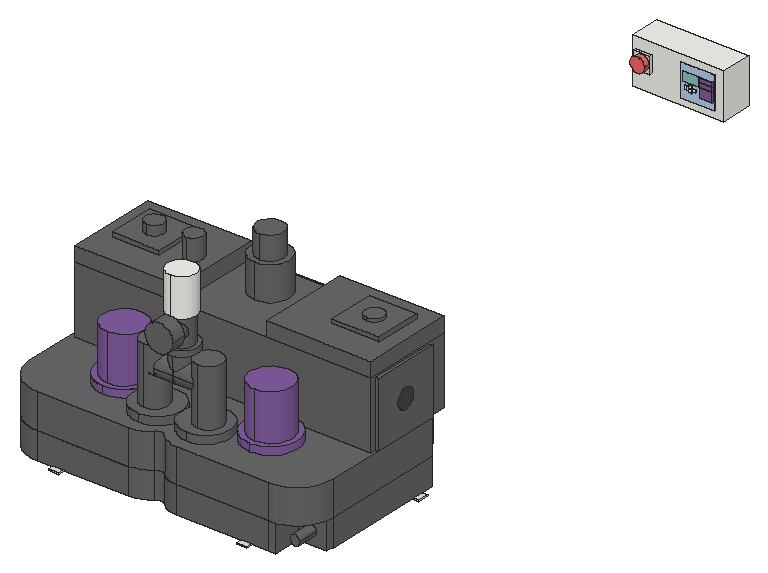
Revit family "11101", category Generic Models, Revit 2021
Family settings
  Can host rebar = No
  Round Connector Dimension = Use Diameter
  Part Type = Normal
  Work Plane-Based = No
  Always vertical = Yes
  Cut with Voids When Loaded = No
  Shared = Yes
  Room Calculation Point = No
Parameters (values of type "11101")
  SUPPLIER = "KESSEL"
  SA700ID49 = "Protection Class I"
  SA700ID48 = "no"
  SA700ID47 = "no"
  SA700ID46 = "yes"
  SA700ID37 = 8000 mm
  SA700ID34 = 40
  SA700ID33 = 1.4 W
  SA700ID32 = 109.59 kg
  SA700ID31 = 1
  SA700ID30 = 2
  SA700ID29 = "RWDR"
  SA700ID21 = 800
  SA700ID10 = "yes"
  SA700ID08 = 400 V
  PROCUREWEBLINK = "https://p.caden.as/kessel/11101"
  PROCURELINK = "p.caden.as/kessel/11101"
  PROCUREDATALASTUPDATE = "2024-05-22T12:17:47.319461876+01:00"
  PREVIEW = "../../_pool_/a5/dd/11101.png"
  PRC_SPECIFICATIONLINK = "https://ausschreiben.de/catalog/kessel/catalogItem/2161d18e-fcb3-41e4-a94c-ce3cd7409e3e"
  NN = "Lifting station Aqualift F XL"
  NBSYN = "$SA810ID03."
  NB = "11101"
  Model = "11101"
  Manufacturer = "KESSEL"
  MIdent = "{$CADENAS_DATA/23d-libs/kessel/kessel_vdi_import/4/entwaesserung/hebeanlage20aqualift20f20xl.prj},201 {STYP=ASS},{VTYP=3D},{NB=11101},{LINA=11101},{NN=Lifting station Aqualift F XL},{DATE=21.11.2022 10:48:11},{GEOMDATE=21.11.2022 10:48:11},{VERSION=},{LINEID=370},{WBVAR=LODLEVEL},{WBNUMERIC=LODLEVEL}  {NB=11101},{LINA=11101},{KT=DUMMY},{PREVIEW=../../_pool_/a5/dd/11101.png},{SA700ID04=Hebeanlage Aqualift F XL 300 l, Duo, SPF 1500-S1, Schieber},{SA810ID06=04026092057681},{SA700ID34=40.00},{SA010ID03=201805},{SA810ID03=11101},{SA810ID10=Aqualift F XL 1500W-S1 Duo 300L m.S.KESSEL Aqualift F XL Hebeanlage für fäkalienhaltiges und fäkalienfreies Abwasser. Zur Aufstellung in frostgeschützten Räumen.Duoanlage mit zwei Pumpen des Typs SPF 1500-S1 Sammelbehälter aus Polyethylen, mit verschraubter Reinigungsöffnung,Anschlussstutzen für Zulauf von oben DN100/150.Inklusive Tauchrohr zur pneumatischen Niveauerfassung,Entlüftungsanschluss DN 70 und Anschluss für eine Handmembranpumpe DN 32.Behälter inklusive Haltewinkel zur Auftriebssicherung.Behältervolumen 300 Liter, max. Nutzvolumen bei Zulauf von oben ca. 175 Liter.Zwei seitliche und drei rückseitige Anbohrflächen zur Montage weiterer Zuläufe bis DN 200 unter Verwendung von Durchgangsdichtungen.Inklusive KESSEL Schaltgerät Aqualift Comfort 400 V.Anwenderfreundliche Menüführung im mehrzeiligem Display. MitSelbstdiagnosesystem (SDS) und Erinnerungsfunktion für nächste Wartung.Anzeige der aktuellen Messwerte. Einfache Einstellung derfunktionsrelevanten Parameter, inklusive Betriebsstundenzähler und potentialfreiem Kontakt. Optionale Weiterleitung von Alarm- und Sammelstörmeldung über GSM Schnittstelle.Schaltgerät mit Volltextanzeige in sechs Sprachen.Abwasserpumpe(n) mit Freistromrad zur Förderung von fäkalienfreiem und fäkalienhaltigem Abwasser gemäß DIN EN 12050-1. Freier Kugeldurchgang mindestens 40 mm. Pumpe(n) überflutungssicher.Inklusive Rückflussverhinderer, mit Druckabgang aus Kunststoff DN 100. Inklusive Absperrschieber.Pumpe(n) Typ SPF 1500-S1Fördermenge: max. 40 m³/hFörderhöhe: max. 8 mNennleistung (P2): 1,1 KW je PumpeAufnahmeleistung (P1): 1,4 KW je PumpeBetriebsspannung: 400 V DSNennfrequenz: 50 HzNennstrom: 2,7 AAbsicherung: 3 x 16 A trägeSchutzart (Pumpe): IP68 3mWS/48hSchutzart (Schaltgerät): IP 65Bertiebsart: S1Kabellänge: 5 mAußenmaße Anlage mit 300 Liter Behälter (BxTxH): 1260 x 760 x 770 mmGewicht ca. 109,59 kg},{SA700ID37=8.00},{SA700ID33=1.40},{SA700ID08=400},{SA700ID30=2},{SA700ID32=109.59},{SA700ID49=Schutzklasse I},{SA700ID50=intern},{SA200ID03=6},{SA250ID03=vertikal},{SA260ID03=Trockenläuferpumpe},{SA350ID03=normalansaugend},{SA400ID03=E-Motor für Drehstrom},{SA460ID03=direkt},{SA500ID03=Kunststoff, Edelstahl},{SA700ID06=100},{SA700ID07=100},{SA700ID09=3/N/PE 400V},{SA700ID10=Ja},{SA700ID11=50},{SA700ID12=IP 68},{SA700ID13=F},{SA700ID15=40},{SA700ID21=800.00},{SA700ID22=1.10},{SA700ID23=1415},{SA700ID24=1415},{SA700ID26=2.70},{SA700ID27=21.00},{SA700ID28=durchgehend},{SA700ID29=RWDR},{SA700ID31=1},{SA700ID46=ja},{SA700ID47=nein},{SA700ID48=nein},{SA110ID04=Hebeanlage Aqualift F XL},{SA300ID03=einstufig},{SA700ID44=10.00},{SA700ID45=10.00},{SA010ID04=KESSEL AG},{LODLEVEL=200},{LINK=https://www.kessel.de/info?han=11101},{SA970ID01=970},{SA970ID02=7183},{SA970ID03=11101},{SA970ID04=11002617},{SA970ID05=QUAD},{SA970ID06=-655.51},{SA970ID07=-635.99},{SA970ID08=0},{SA970ID09=1},{SA970ID10=0},{SA970ID11=0},{SA970ID12=0},{SA970ID13=1},{SA970ID14=0},{SA970ID15=1311.02},{SA970ID16=785.99},{SA970ID17=818.99},{LODLEVEL_=200,'Low'},{LODLEVEL_DEU=200,'Low'},{LINK_=https://www.kessel.de/info?han=11101},{LINK_DEU=https://www.kessel.de/info?han=11101},{LODLEVEL_3DB=11101_200},{DNIN1=100},{DNIN2=70},{DNIN4=10},{DNIN5=10},{DNIN6=50},{DNIN7=50},{DNIN8=50},{DNIN9=50},{DNOUT1=32},{DNOUT2=100},{DNOUT3=70},{ISD1=96},{ISD2=10},{ISDOUT1=40},{ISDOUT2=60},{ISDOUT3=65},{SA010ID01=010},{SA010ID02=4},{SA010ID06=www.kessel.de},{SA010ID07=www.kessel.de},{SA010ID12=20180713},{SA010ID13=DEU},{SA010ID14=DE},{SA100ID01=100},{SA100ID02=4},{SA100ID04=Entwässerung},{SA110ID01=110},{SA110ID02=6},{SA200ID01=200},{SA200ID02=6},{SA250ID01=250},{SA250ID02=2},{SA260ID01=260},{SA260ID02=2},{SA300ID01=300},{SA300ID02=1},{SA350ID01=350},{SA350ID02=1},{SA400ID01=400},{SA400ID02=2},{SA460ID01=460},{SA460ID02=1},{SA500ID01=500},{SA500ID02=1},{SA700ID01=700},{SA700ID02=73},{SA700ID10_=1},{SA700ID16=0},{SA700ID25=0},{SA700ID46_=1},{SA700ID47_=0},{SA700ID48_=0},{SA700ID49_=1},{SA700ID50_=2},{SA800ID01=800},{SA800ID02=37},{SA810ID01=810},{SA810ID02=73},{SA810ID04=11101},{SA810ID07=73},{SA810ID09=1},{SA810ID14=PCE},{SA810ID15=1},{SA810ID16=NMP},{SA960ID03=73},{SA960ID04=3L},{SA960ID08=https://www.kessel.de/info?han=11101},{SA010ID08=4026092000007},{SA100ID05=Hebeanlage},{SA110ID06=Hebeanlage}"
  LINK = "https://www.kessel.de/info?han=11101"
  LINA = "11101"
  Default Elevation = 0 mm
  CREATOR = "CADENAS GmbH"
  CATALOG = "KESSEL"
  BOMINFO = "LINA"
  ARTICLENO = "NB"
  4.810.00.9 Order quantity (multiplicator) = "1"
  4.810.00.7 Media- connection number = "73"
  4.810.00.6 GTIN number = "04026092057681"
  4.810.00.4 DATANORM number = "11101"
  4.810.00.3 Producer order number = "11101"
  4.710.03.7 Mass (net) = 109.59 kg
  4.710.03.6 Height = 806 mm
  4.710.03.5 Width = 760 mm
  4.710.03.4 Length = 1260 mm
  4.710.03.3 Type of dimensions = "2"
  4.710.02.8 Area of application of wastewater pump = "1"
  4.710.02.6 Duty type = "S1"
  4.710.02.5 Cutting device = "0"
  4.710.02.4 Attached pump control = "1"
  4.710.02.3 Free passage = 40 mm
  4.710.01.6 Option to connect to building automation = "40"
  4.710.01.5 Load regulation = "0"
  4.710.01.4 Designation of closed-loop control = "175"
  4.710.01.3 Identifier for closed-loop control = "300"
  4.700.00.9 Voltage = 0
  4.700.00.8 Nominal connection size on suction side = "100"
  4.700.00.7 Nominal connection size on pressure side = "100"
  4.700.00.6 Type of connection = "100"
  4.700.00.4 Product indentification = "Hebeanlage Aqualift F XL 300 l, Duo, SPF 1500-S1, Schieber"
  4.700.00.28 Motor pump shaft = "durchgehend"
  4.700.00.27 Starting current = 21
  4.700.00.26 Maximum power consumption per pump / drive = 2.7
  4.700.00.25 Minimum speed at internal speed adjustment = 0
  4.700.00.24 Nominal speed / maximum speed n = 23.5833
  4.700.00.23 Nominal speed of motor = 23.5833
  4.700.00.22 Maximum shaft output (P2) per pump/drive = 1.1 W
  4.700.00.16 Maximum temperature of pumped medium = 0 °C
  4.700.00.15 Increased safety class = "40 °C"
  4.700.00.13 Type of protection = "F"
  4.700.00.12 Frequency = 0
  4.700.00.11 Stern-/Dreieck-Anlaufschaltung bei Dreiphasenanschluss oder Drehstrom = "50 Hz"
  4.700.00.10 Phase = "1"
  4.500.00.3 Variant / Variant type / Accessories-name = "Kunststoff, Edelstahl"
  4.460.00.3 Variant / Variant type / Accessories-name = "direkt"
  4.400.00.3 Variant / Variant type / Accessories-name = "E-Motor für Drehstrom"
  4.350.00.3 Variant / Variant type / Accessories-name = "normalansaugend"
  4.300.00.3 Variant / Variant type / Accessories-name = "einstufig"
  4.260.00.3 Variant / Variant type / Accessories-name = "Trockenläuferpumpe"
  4.250.00.3 Variant / Variant type / Accessories-name = "vertikal"
  4.200.00.3 Variant / Variant type / Accessories-name = "6"
  4.110.00.6 Product classification = "Hebeanlage"
  4.110.00.4 Product indentification = "Hebeanlage Aqualift F XL"
  4.100.00.5 Main groups of wares = "Hebeanlage"
  4.100.00.4 Product indentification = "Entwässerung"
  4.010.00.8 Producer ID number = "4026092000007"
  4.010.00.7 Comment = "www.kessel.de"
  4.010.00.6 Web address of the manufacturer = "www.kessel.de"
  4.010.00.4 Manufacturer name = "KESSEL AG"
  4.010.00.3 Date of issuance (month) of guideline = "201805"
  4.010.00.2 Sheet number of the guideline = "4"
  4.010.00.14 Kennungen der Projektländer, für die die Datei gültig ist = "DE"
  4.010.00.13 Sprache der Datei = "DEU"
  4.010.00.12 Stand des Herstellerkatalogs = "20180713"
Reference planes
  plane 1 "Center (Front/Back)": y = 0
  plane 2: z = 0
  plane 3 "Center (Left/Right)": x = 0
Dimensions and locks
  aligned and locked: level to plane 2
Nested families
  nested 1: "11101_content" at (0, 0, 0), type "11101_Content"
  nested 2: "11101_part1_X0Y0" at (1000, 1000, 1200), type "11101_PART1_X0Y0"
  nested 3: "11101_part2_X0Y0" at (0, 0, 0), type "11101_PART2_X0Y0"
Connectors
  electrical at (861, 933, 1201.5)
    settings: on nested 2, index 1, voltage 0 V, apparent load 0 VA, apparent load phase1 0 VA, apparent load phase2 0 VA, apparent load phase3 0 VA, power factor 1, load classification "Other", number of poles 1, system type 31, power factor state 1, is connector primary yes, connector utility no, sub classification motor no, connector description ""
  piping at (0, 0, 771), diameter 100
    settings: on nested 3, index 2, connector inside diameter 609.6 mm, connector length 0 mm, flow factor 0, pipe flow 0.0 L/s, pressure drop 0.0 Pa, fitting loss kfactor 0, connector angle 0.00°, fixture units 0, engagement length 0 mm, angle of deflection 0.00°, flow configuration 0, flow direction 1, fitting loss method 2, system type 8, joint type 0, gender type 0, connector reference index -1, connector utility 0, adjustable connector no, is connector primary yes, connector description ""
  piping at (631, -85, 392), diameter 70
    settings: on nested 3, index 3, connector inside diameter 609.6 mm, connector length 0 mm, flow factor 0, pipe flow 0.0 L/s, pressure drop 0.0 Pa, fitting loss kfactor 0, connector angle 0.00°, fixture units 0, engagement length 0 mm, angle of deflection 0.00°, flow configuration 0, flow direction 0, fitting loss method 2, system type 8, joint type 0, gender type 0, connector reference index -1, connector utility 0, adjustable connector no, is connector primary no, connector description ""
  piping at (358.7, 150.5, 392), diameter 70
    settings: on nested 3, index 4, connector inside diameter 609.6 mm, connector length 0 mm, flow factor 0, pipe flow 0.0 L/s, pressure drop 0.0 Pa, fitting loss kfactor 0, connector angle 0.00°, fixture units 0, engagement length 0 mm, angle of deflection 0.00°, flow configuration 0, flow direction 0, fitting loss method 2, system type 8, joint type 0, gender type 0, connector reference index -1, connector utility 0, adjustable connector no, is connector primary no, connector description ""
  piping at (-357.7, 150.5, 392), diameter 70
    settings: on nested 3, index 5, connector inside diameter 609.6 mm, connector length 0 mm, flow factor 0, pipe flow 0.0 L/s, pressure drop 0.0 Pa, fitting loss kfactor 0, connector angle 0.00°, fixture units 0, engagement length 0 mm, angle of deflection 0.00°, flow configuration 0, flow direction 0, fitting loss method 2, system type 8, joint type 0, gender type 0, connector reference index -1, connector utility 0, adjustable connector no, is connector primary no, connector description ""
  piping at (-630, -85, 392), diameter 70
    settings: on nested 3, index 6, connector inside diameter 609.6 mm, connector length 0 mm, flow factor 0, pipe flow 0.0 L/s, pressure drop 0.0 Pa, fitting loss kfactor 0, connector angle 0.00°, fixture units 0, engagement length 0 mm, angle of deflection 0.00°, flow configuration 0, flow direction 0, fitting loss method 2, system type 8, joint type 0, gender type 0, connector reference index -1, connector utility 0, adjustable connector no, is connector primary no, connector description ""
  piping at (0, -578, 611), diameter 100
    settings: on nested 3, index 7, connector inside diameter 609.6 mm, connector length 0 mm, flow factor 0, pipe flow 0.0 L/s, pressure drop 0.0 Pa, fitting loss kfactor 0, connector angle 0.00°, fixture units 0, engagement length 0 mm, angle of deflection 0.00°, flow configuration 0, flow direction 2, fitting loss method 2, system type 7, joint type 0, gender type 0, connector reference index -1, connector utility 0, adjustable connector no, is connector primary no, connector description ""
  piping at (-269.5, -60, 681), diameter 70
    settings: on nested 3, index 8, connector inside diameter 609.6 mm, connector length 0 mm, flow factor 0, pipe flow 0.0 L/s, pressure drop 0.0 Pa, fitting loss kfactor 0, connector angle 0.00°, fixture units 0, engagement length 0 mm, angle of deflection 0.00°, flow configuration 0, flow direction 2, fitting loss method 2, system type 7, joint type 0, gender type 0, connector reference index -1, connector utility 0, adjustable connector no, is connector primary no, connector description ""
  piping at (565, -575.5, 56), diameter 32
    settings: on nested 3, index 9, connector inside diameter 609.6 mm, connector length 0 mm, flow factor 0, pipe flow 0.0 L/s, pressure drop 0.0 Pa, fitting loss kfactor 0, connector angle 0.00°, fixture units 0, engagement length 0 mm, angle of deflection 0.00°, flow configuration 0, flow direction 2, fitting loss method 2, system type 7, joint type 0, gender type 0, connector reference index -1, connector utility 0, adjustable connector no, is connector primary no, connector description ""
  piping at (0, 150.5, 392), diameter 70
    settings: on nested 3, index 10, connector inside diameter 609.6 mm, connector length 0 mm, flow factor 0, pipe flow 0.0 L/s, pressure drop 0.0 Pa, fitting loss kfactor 0, connector angle 0.00°, fixture units 0, engagement length 0 mm, angle of deflection 0.00°, flow configuration 0, flow direction 0, fitting loss method 2, system type 29, joint type 0, gender type 0, connector reference index -1, connector utility 0, adjustable connector no, is connector primary no, connector description ""
  electrical at (305.4, -376.25, 477)
    settings: on nested 3, index 11, voltage 0 V, apparent load 0 VA, apparent load phase1 0 VA, apparent load phase2 0 VA, apparent load phase3 0 VA, power factor 1, load classification "Other", number of poles 1, system type 31, power factor state 1, is connector primary no, connector utility no, sub classification motor no, connector description ""
  electrical at (-305.4, -376.25, 477)
    settings: on nested 3, index 12, voltage 0 V, apparent load 0 VA, apparent load phase1 0 VA, apparent load phase2 0 VA, apparent load phase3 0 VA, power factor 1, load classification "Other", number of poles 1, system type 31, power factor state 1, is connector primary no, connector utility no, sub classification motor no, connector description ""
  electrical at (-457, -29.5, 650)
    settings: on nested 3, index 13, voltage 0 V, apparent load 0 VA, apparent load phase1 0 VA, apparent load phase2 0 VA, apparent load phase3 0 VA, power factor 1, load classification "Other", number of poles 1, system type 31, power factor state 1, is connector primary no, connector utility no, sub classification motor no, connector description ""
Definition of nested family "11101_part1_X0Y0"
  Parameters (values of type "11101_PART1_X0Y0")
    SUPPLIER = "KESSEL"
    SA700ID49 = "Protection Class I"
    SA700ID48 = "no"
    SA700ID47 = "no"
    SA700ID46 = "yes"
    SA700ID37 = 8000 mm
    SA700ID34 = 40
    SA700ID33 = 1.4 W
    SA700ID32 = 109.59 kg
    SA700ID31 = 1
    SA700ID30 = 2
    SA700ID29 = "RWDR"
    SA700ID21 = 800
    SA700ID10 = "yes"
    SA700ID08 = 400 V
    PREVIEW = "../../_pool_/a5/dd/11101.png"
    NBSYN = "$SA810ID03._PART1"
    NB = "11101_PART1"
    Model = "11101_PART1"
    Manufacturer = "KESSEL"
    MIdent = "{$CADENAS_DATA/23d-libs/kessel/kessel_vdi_import/4/entwaesserung/hebeanlage20aqualift20f20xl.prj},221 {VTYP=3D},{NB=11101_PART1},{LINA=11101_PART1},{NN=Lifting station Aqualift F XL_PART1},{NOPRJ=TRUE},{DATE=21.11.2022 10:48:11},{GEOMDATE=21.11.2022 10:48:11},{VERSION=},{LINEID=370},{WBVAR=LODLEVEL},{WBNUMERIC=LODLEVEL}  {NB=11101_PART1},{LINA=11101_PART1},{KT=DUMMY},{PREVIEW=../../_pool_/a5/dd/11101.png},{SA700ID04=Hebeanlage Aqualift F XL 300 l, Duo, SPF 1500-S1, Schieber},{SA810ID06=04026092057681},{SA700ID34=40.00},{SA010ID03=201805},{SA810ID03=11101},{SA810ID10=Aqualift F XL 1500W-S1 Duo 300L m.S.KESSEL Aqualift F XL Hebeanlage für fäkalienhaltiges und fäkalienfreies Abwasser. Zur Aufstellung in frostgeschützten Räumen.Duoanlage mit zwei Pumpen des Typs SPF 1500-S1 Sammelbehälter aus Polyethylen, mit verschraubter Reinigungsöffnung,Anschlussstutzen für Zulauf von oben DN100/150.Inklusive Tauchrohr zur pneumatischen Niveauerfassung,Entlüftungsanschluss DN 70 und Anschluss für eine Handmembranpumpe DN 32.Behälter inklusive Haltewinkel zur Auftriebssicherung.Behältervolumen 300 Liter, max. Nutzvolumen bei Zulauf von oben ca. 175 Liter.Zwei seitliche und drei rückseitige Anbohrflächen zur Montage weiterer Zuläufe bis DN 200 unter Verwendung von Durchgangsdichtungen.Inklusive KESSEL Schaltgerät Aqualift Comfort 400 V.Anwenderfreundliche Menüführung im mehrzeiligem Display. MitSelbstdiagnosesystem (SDS) und Erinnerungsfunktion für nächste Wartung.Anzeige der aktuellen Messwerte. Einfache Einstellung derfunktionsrelevanten Parameter, inklusive Betriebsstundenzähler und potentialfreiem Kontakt. Optionale Weiterleitung von Alarm- und Sammelstörmeldung über GSM Schnittstelle.Schaltgerät mit Volltextanzeige in sechs Sprachen.Abwasserpumpe(n) mit Freistromrad zur Förderung von fäkalienfreiem und fäkalienhaltigem Abwasser gemäß DIN EN 12050-1. Freier Kugeldurchgang mindestens 40 mm. Pumpe(n) überflutungssicher.Inklusive Rückflussverhinderer, mit Druckabgang aus Kunststoff DN 100. Inklusive Absperrschieber.Pumpe(n) Typ SPF 1500-S1Fördermenge: max. 40 m³/hFörderhöhe: max. 8 mNennleistung (P2): 1,1 KW je PumpeAufnahmeleistung (P1): 1,4 KW je PumpeBetriebsspannung: 400 V DSNennfrequenz: 50 HzNennstrom: 2,7 AAbsicherung: 3 x 16 A trägeSchutzart (Pumpe): IP68 3mWS/48hSchutzart (Schaltgerät): IP 65Bertiebsart: S1Kabellänge: 5 mAußenmaße Anlage mit 300 Liter Behälter (BxTxH): 1260 x 760 x 770 mmGewicht ca. 109,59 kg},{SA700ID37=8.00},{SA700ID33=1.40},{SA700ID08=400},{SA700ID30=2},{SA700ID32=109.59},{SA700ID49=Schutzklasse I},{SA700ID50=intern},{SA200ID03=6},{SA250ID03=vertikal},{SA260ID03=Trockenläuferpumpe},{SA350ID03=normalansaugend},{SA400ID03=E-Motor für Drehstrom},{SA460ID03=direkt},{SA500ID03=Kunststoff, Edelstahl},{SA700ID06=100},{SA700ID07=100},{SA700ID09=3/N/PE 400V},{SA700ID10=Ja},{SA700ID11=50},{SA700ID12=IP 68},{SA700ID13=F},{SA700ID15=40},{SA700ID21=800.00},{SA700ID22=1.10},{SA700ID23=1415},{SA700ID24=1415},{SA700ID26=2.70},{SA700ID27=21.00},{SA700ID28=durchgehend},{SA700ID29=RWDR},{SA700ID31=1},{SA700ID46=ja},{SA700ID47=nein},{SA700ID48=nein},{SA110ID04=Hebeanlage Aqualift F XL},{SA300ID03=einstufig},{SA700ID44=10.00},{SA700ID45=10.00},{SA010ID04=KESSEL AG},{LODLEVEL=200},{LINK=https://www.kessel.de/info?han=11101},{SA970ID01=970},{SA970ID02=7183},{SA970ID03=11101},{SA970ID04=11002617},{SA970ID05=QUAD},{SA970ID06=-655.51},{SA970ID07=-635.99},{SA970ID08=0},{SA970ID09=1},{SA970ID10=0},{SA970ID11=0},{SA970ID12=0},{SA970ID13=1},{SA970ID14=0},{SA970ID15=1311.02},{SA970ID16=785.99},{SA970ID17=818.99},{LODLEVEL_=200,'Low'},{LODLEVEL_DEU=200,'Low'},{LINK_=https://www.kessel.de/info?han=11101},{LINK_DEU=https://www.kessel.de/info?han=11101},{LODLEVEL_3DB=11101_200},{DNIN1=100},{DNIN2=70},{DNIN4=10},{DNIN5=10},{DNIN6=50},{DNIN7=50},{DNIN8=50},{DNIN9=50},{DNOUT1=32},{DNOUT2=100},{DNOUT3=70},{ISD1=96},{ISD2=10},{ISDOUT1=40},{ISDOUT2=60},{ISDOUT3=65},{SA010ID01=010},{SA010ID02=4},{SA010ID06=www.kessel.de},{SA010ID07=www.kessel.de},{SA010ID12=20180713},{SA010ID13=DEU},{SA010ID14=DE},{SA100ID01=100},{SA100ID02=4},{SA100ID04=Entwässerung},{SA110ID01=110},{SA110ID02=6},{SA200ID01=200},{SA200ID02=6},{SA250ID01=250},{SA250ID02=2},{SA260ID01=260},{SA260ID02=2},{SA300ID01=300},{SA300ID02=1},{SA350ID01=350},{SA350ID02=1},{SA400ID01=400},{SA400ID02=2},{SA460ID01=460},{SA460ID02=1},{SA500ID01=500},{SA500ID02=1},{SA700ID01=700},{SA700ID02=73},{SA700ID10_=1},{SA700ID16=0},{SA700ID25=0},{SA700ID46_=1},{SA700ID47_=0},{SA700ID48_=0},{SA700ID49_=1},{SA700ID50_=2},{SA800ID01=800},{SA800ID02=37},{SA810ID01=810},{SA810ID02=73},{SA810ID04=11101},{SA810ID07=73},{SA810ID09=1},{SA810ID14=PCE},{SA810ID15=1},{SA810ID16=NMP},{SA960ID03=73},{SA960ID04=3L},{SA960ID08=https://www.kessel.de/info?han=11101},{SA010ID08=4026092000007},{SA100ID05=Hebeanlage},{SA110ID06=Hebeanlage}"
    LINK = "https://www.kessel.de/info?han=11101"
    LINA = "11101_PART1"
    Default Elevation = 1219.2 mm
    CREATOR = "CADENAS GmbH"
    CATALOG = "KESSEL"
    BOMINFO = "LINA"
    ARTICLENO = "NB"
    4.810.00.9 Order quantity (multiplicator) = "1"
    4.810.00.7 Media- connection number = "73"
    4.810.00.6 GTIN number = "04026092057681"
    4.810.00.4 DATANORM number = "11101"
    4.810.00.3 Producer order number = "11101"
    4.710.03.7 Mass (net) = 109.59 kg
    4.710.03.6 Height = 806 mm
    4.710.03.5 Width = 760 mm
    4.710.03.4 Length = 1260 mm
    4.710.03.3 Type of dimensions = "2"
    4.710.02.8 Area of application of wastewater pump = "1"
    4.710.02.6 Duty type = "S1"
    4.710.02.5 Cutting device = "0"
    4.710.02.4 Attached pump control = "1"
    4.710.02.3 Free passage = 40 mm
    4.710.01.6 Option to connect to building automation = "40"
    4.710.01.5 Load regulation = "0"
    4.710.01.4 Designation of closed-loop control = "175"
    4.710.01.3 Identifier for closed-loop control = "300"
    4.700.00.9 Voltage = 0
    4.700.00.8 Nominal connection size on suction side = "100"
    4.700.00.7 Nominal connection size on pressure side = "100"
    4.700.00.6 Type of connection = "100"
    4.700.00.4 Product indentification = "Hebeanlage Aqualift F XL 300 l, Duo, SPF 1500-S1, Schieber"
    4.700.00.28 Motor pump shaft = "durchgehend"
    4.700.00.27 Starting current = 21
    4.700.00.26 Maximum power consumption per pump / drive = 2.7
    4.700.00.25 Minimum speed at internal speed adjustment = 0
    4.700.00.24 Nominal speed / maximum speed n = 23.5833
    4.700.00.23 Nominal speed of motor = 23.5833
    4.700.00.22 Maximum shaft output (P2) per pump/drive = 1.1 W
    4.700.00.16 Maximum temperature of pumped medium = 0 °C
    4.700.00.15 Increased safety class = "40 °C"
    4.700.00.13 Type of protection = "F"
    4.700.00.12 Frequency = 0
    4.700.00.11 Stern-/Dreieck-Anlaufschaltung bei Dreiphasenanschluss oder Drehstrom = "50 Hz"
    4.700.00.10 Phase = "1"
    4.500.00.3 Variant / Variant type / Accessories-name = "Kunststoff, Edelstahl"
    4.460.00.3 Variant / Variant type / Accessories-name = "direkt"
    4.400.00.3 Variant / Variant type / Accessories-name = "E-Motor für Drehstrom"
    4.350.00.3 Variant / Variant type / Accessories-name = "normalansaugend"
    4.300.00.3 Variant / Variant type / Accessories-name = "einstufig"
    4.260.00.3 Variant / Variant type / Accessories-name = "Trockenläuferpumpe"
    4.250.00.3 Variant / Variant type / Accessories-name = "vertikal"
    4.200.00.3 Variant / Variant type / Accessories-name = "6"
    4.110.00.6 Product classification = "Hebeanlage"
    4.110.00.4 Product indentification = "Hebeanlage Aqualift F XL"
    4.100.00.5 Main groups of wares = "Hebeanlage"
    4.100.00.4 Product indentification = "Entwässerung"
    4.010.00.8 Producer ID number = "4026092000007"
    4.010.00.7 Comment = "www.kessel.de"
    4.010.00.6 Web address of the manufacturer = "www.kessel.de"
    4.010.00.4 Manufacturer name = "KESSEL AG"
    4.010.00.3 Date of issuance (month) of guideline = "201805"
    4.010.00.2 Sheet number of the guideline = "4"
    4.010.00.14 Kennungen der Projektländer, für die die Datei gültig ist = "DE"
    4.010.00.13 Sprache der Datei = "DEU"
    4.010.00.12 Stand des Herstellerkatalogs = "20180713"
  Reference planes
    plane 1 "Center (Front/Back)": y = 0
    plane 2: z = 0
    plane 3 "Center (Left/Right)": x = 0
  Dimensions and locks
    aligned and locked: level to plane 2
  Nested families
    nested 1: "11101_part1_content" at (0, 0, 0), type "11101_PART1_Content"
  Definition of nested family "11101_part1_content"
    Parameters (values of type "11101_PART1_Content")
      SUPPLIER = "KESSEL"
      SA700ID49 = "Protection Class I"
      SA700ID48 = "no"
      SA700ID47 = "no"
      SA700ID46 = "yes"
      SA700ID37 = 8000 mm
      SA700ID34 = 40
      SA700ID33 = 1.4 W
      SA700ID32 = 109.59 kg
      SA700ID31 = 1
      SA700ID30 = 2
      SA700ID29 = "RWDR"
      SA700ID21 = 800
      SA700ID10 = "yes"
      SA700ID08 = 400 V
      PREVIEW = "../../_pool_/a5/dd/11101.png"
      NBSYN = "$SA810ID03._PART1"
      NB = "11101_PART1"
      Model = "11101_PART1"
      Manufacturer = "KESSEL"
      LINK = "https://www.kessel.de/info?han=11101"
      LINA = "11101_PART1"
      Default Elevation = 1219.2 mm
      CREATOR = "CADENAS GmbH"
      CATALOG = "KESSEL"
      BOMINFO = "LINA"
      ARTICLENO = "NB"
      4.810.00.9 Order quantity (multiplicator) = "1"
      4.810.00.7 Media- connection number = "73"
      4.810.00.6 GTIN number = "04026092057681"
      4.810.00.4 DATANORM number = "11101"
      4.810.00.3 Producer order number = "11101"
      4.710.03.7 Mass (net) = 109.59 kg
      4.710.03.6 Height = 806 mm
      4.710.03.5 Width = 760 mm
      4.710.03.4 Length = 1260 mm
      4.710.03.3 Type of dimensions = "2"
      4.710.02.8 Area of application of wastewater pump = "1"
      4.710.02.6 Duty type = "S1"
      4.710.02.5 Cutting device = "0"
      4.710.02.4 Attached pump control = "1"
      4.710.02.3 Free passage = 40 mm
      4.710.01.6 Option to connect to building automation = "40"
      4.710.01.5 Load regulation = "0"
      4.710.01.4 Designation of closed-loop control = "175"
      4.710.01.3 Identifier for closed-loop control = "300"
      4.700.00.9 Voltage = 0
      4.700.00.8 Nominal connection size on suction side = "100"
      4.700.00.7 Nominal connection size on pressure side = "100"
      4.700.00.6 Type of connection = "100"
      4.700.00.4 Product indentification = "Hebeanlage Aqualift F XL 300 l, Duo, SPF 1500-S1, Schieber"
      4.700.00.28 Motor pump shaft = "durchgehend"
      4.700.00.27 Starting current = 21
      4.700.00.26 Maximum power consumption per pump / drive = 2.7
      4.700.00.25 Minimum speed at internal speed adjustment = 0
      4.700.00.24 Nominal speed / maximum speed n = 23.5833
      4.700.00.23 Nominal speed of motor = 23.5833
      4.700.00.22 Maximum shaft output (P2) per pump/drive = 1.1 W
      4.700.00.16 Maximum temperature of pumped medium = 0 °C
      4.700.00.15 Increased safety class = "40 °C"
      4.700.00.13 Type of protection = "F"
      4.700.00.12 Frequency = 0
      4.700.00.11 Stern-/Dreieck-Anlaufschaltung bei Dreiphasenanschluss oder Drehstrom = "50 Hz"
      4.700.00.10 Phase = "1"
      4.500.00.3 Variant / Variant type / Accessories-name = "Kunststoff, Edelstahl"
      4.460.00.3 Variant / Variant type / Accessories-name = "direkt"
      4.400.00.3 Variant / Variant type / Accessories-name = "E-Motor für Drehstrom"
      4.350.00.3 Variant / Variant type / Accessories-name = "normalansaugend"
      4.300.00.3 Variant / Variant type / Accessories-name = "einstufig"
      4.260.00.3 Variant / Variant type / Accessories-name = "Trockenläuferpumpe"
      4.250.00.3 Variant / Variant type / Accessories-name = "vertikal"
      4.200.00.3 Variant / Variant type / Accessories-name = "6"
      4.110.00.6 Product classification = "Hebeanlage"
      4.110.00.4 Product indentification = "Hebeanlage Aqualift F XL"
      4.100.00.5 Main groups of wares = "Hebeanlage"
      4.100.00.4 Product indentification = "Entwässerung"
      4.010.00.8 Producer ID number = "4026092000007"
      4.010.00.7 Comment = "www.kessel.de"
      4.010.00.6 Web address of the manufacturer = "www.kessel.de"
      4.010.00.4 Manufacturer name = "KESSEL AG"
      4.010.00.3 Date of issuance (month) of guideline = "201805"
      4.010.00.2 Sheet number of the guideline = "4"
      4.010.00.14 Kennungen der Projektländer, für die die Datei gültig ist = "DE"
      4.010.00.13 Sprache der Datei = "DEU"
      4.010.00.12 Stand des Herstellerkatalogs = "20180713"
    Reference planes
      plane 1 "Center (Front/Back)": y = 0
      plane 2: z = 0
      plane 3 "Center (Left/Right)": x = 0
    Forms (mm)
      Extrusion 1, solid, detail levels medium+fine
        sketch origin (189.25, -1.75, 0.2) x (0, -1, 0) y (0, 0, 1)
          loop
            line (0, 187.8) -> (0, 0) -> (127.75, 0) -> (127.75, 187.8) -> (0, 187.8)
        from 0 to 378.5
      Extrusion 2, solid, detail levels medium+fine
        sketch origin (-4, -67, 0) x (0, 1, 0) y (-1, 0, 0)
          loop
            circle (0, 0) r 12.5
        from 0 to 1.5
      Extrusion 3, solid, detail levels medium+fine
        sketch origin (150.8, -129.5, 26.5) x (0, -1, 0) y (0, 0, 1)
          loop
            line (-1.2, 134.8) -> (-1.2, 0) -> (0.25, 0) -> (0.25, 134.8) -> (-1.2, 134.8)
        from 0 to 139.9
      Extrusion 4, solid, detail levels medium+fine
        sketch origin (72.55, -129.75, 66) x (0, -1, 0) y (0, 0, 1)
          loop
            line (-1, 12) -> (-1, 0) -> (0.5, 0) -> (0.5, 12) -> (-1, 12)
        from 0 to 12
      Extrusion 5, solid, detail levels medium+fine
        sketch origin (84.45, -129.75, 93.4) x (0, -1, 0) y (0, 0, 1)
          loop
            line (-1, 37) -> (-1, 0) -> (0.5, 0) -> (0.5, 37) -> (-1, 37)
        from 0 to 66
      Extrusion 6, solid, detail levels medium+fine
        sketch origin (55.3, -129.75, 74) x (0, -1, 0) y (0, 0, 1)
          loop
            line (-1, 12) -> (-1, 0) -> (0.5, 0) -> (0.5, 12) -> (-1, 12)
        from 0 to 12
      Extrusion 7, solid, detail levels medium+fine
        sketch origin (143.3, -129.75, 94.4) x (0, -1, 0) y (0, 0, 1)
          loop
            line (0, 16) -> (0, 0) -> (1.75, 0) -> (1.75, 16) -> (0, 16)
        from 0 to 51
      Extrusion 8, solid, detail levels medium+fine
        sketch origin (143.3, -129.75, 54.4) x (0, -1, 0) y (0, 0, 1)
          loop
            line (0, 36) -> (0, 0) -> (1.75, 0) -> (1.75, 36) -> (0, 36)
        from 0 to 51
      Extrusion 9, solid, detail levels medium+fine
        sketch origin (55.3, -129.75, 57.5) x (0, -1, 0) y (0, 0, 1)
          loop
            line (-1, 12) -> (-1, 0) -> (0.5, 0) -> (0.5, 12) -> (-1, 12)
        from 0 to 12
      Extrusion 10, solid, detail levels medium+fine
        sketch origin (143.3, -129.75, 114.4) x (0, -1, 0) y (0, 0, 1)
          loop
            line (0, 16) -> (0, 0) -> (1.75, 0) -> (1.75, 16) -> (0, 16)
        from 0 to 51
      Extrusion 11, solid, detail levels medium+fine
        sketch origin (38.05, -129.75, 66) x (0, -1, 0) y (0, 0, 1)
          loop
            line (-1, 12) -> (-1, 0) -> (0.5, 0) -> (0.5, 12) -> (-1, 12)
        from 0 to 12
      Extrusion 12, solid, detail levels medium+fine
        sketch origin (47, -72, 0) x (0, 1, 0) y (-1, 0, 0)
          loop
            circle (0, 0) r 8
        from 0 to 1.5
      Extrusion 13, solid, detail levels medium+fine
        sketch origin (47, -42, 0) x (0, 1, 0) y (-1, 0, 0)
          loop
            circle (0, 0) r 5.25
        from 0 to 1.5
      Extrusion 14, solid, detail levels medium+fine
        sketch origin (77, -72, 0) x (0, 1, 0) y (-1, 0, 0)
          loop
            circle (0, 0) r 8
        from 0 to 1.5
      Extrusion 15, solid, detail levels medium+fine
        sketch origin (-94, -67, 0) x (0, 1, 0) y (-1, 0, 0)
          loop
            circle (0, 0) r 12.5
        from 0 to 1.5
      Extrusion 16, solid, detail levels medium+fine
        sketch origin (92, -42, 0) x (0, 1, 0) y (-1, 0, 0)
          loop
            circle (0, 0) r 8
        from 0 to 1.5
      Extrusion 17, solid, detail levels medium+fine
        sketch origin (107, -72, 0) x (0, 1, 0) y (-1, 0, 0)
          loop
            circle (0, 0) r 8
        from 0 to 1.5
      Extrusion 18, solid, detail levels medium+fine
        sketch origin (122, -42, 0) x (0, 1, 0) y (-1, 0, 0)
          loop
            circle (0, 0) r 8
        from 0 to 1.5
      Extrusion 19, solid, detail levels medium+fine
        sketch origin (-107.7, -129.5, 76.9) x (0, -1, 0) y (0, 0, 1)
          loop
            line (0, 67) -> (0, 0) -> (14, 0) -> (14, 67) -> (0, 67)
        from 0 to 67
      Extrusion 20, solid, detail levels medium+fine
        sketch origin (-141.2, -143.5, 110.4) x (1, 0, 0) y (0, 0, 1)
          loop
            circle (0, 0) r 30
        from 0 to 22
      Extrusion 21, solid, detail levels medium+fine
        sketch origin (127, -15, 0) x (0, 1, 0) y (-1, 0, 0)
          loop
            circle (0, 0) r 6
        from 0 to 1.5
      Extrusion 22, solid, detail levels medium+fine
        sketch origin (137, -72, 0) x (0, 1, 0) y (-1, 0, 0)
          loop
            circle (0, 0) r 8
        from 0 to 1.5
      Extrusion 23, solid, detail levels medium+fine
        sketch origin (-139, -67, 0) x (0, 1, 0) y (-1, 0, 0)
          loop
            circle (0, 0) r 12.5
        from 0 to 1.5
      Extrusion 24, solid, detail levels medium+fine
        sketch origin (152, -42, 0) x (0, 1, 0) y (-1, 0, 0)
          loop
            circle (0, 0) r 8
        from 0 to 1.5
      Extrusion 25, solid, detail levels coarse
        sketch origin (0, -83.625, 0) x (1, 0, 0) y (0, 1, 0)
          loop
            line (-189.25, -81.875) -> (189.25, -81.875) -> (189.25, 81.875) -> (-189.25, 81.875) -> (-189.25, -81.875)
        from 0 to 188
    Dimensions and locks
      aligned and locked: level to plane 2
Definition of nested family "11101_part2_X0Y0"
  Parameters (values of type "11101_PART2_X0Y0")
    SUPPLIER = "KESSEL"
    SA700ID49 = "Protection Class I"
    SA700ID48 = "no"
    SA700ID47 = "no"
    SA700ID46 = "yes"
    SA700ID37 = 8000 mm
    SA700ID34 = 40
    SA700ID33 = 1.4 W
    SA700ID32 = 109.59 kg
    SA700ID31 = 1
    SA700ID30 = 2
    SA700ID29 = "RWDR"
    SA700ID21 = 800
    SA700ID10 = "yes"
    SA700ID08 = 400 V
    PREVIEW = "../../_pool_/a5/dd/11101.png"
    NBSYN = "$SA810ID03._PART2"
    NB = "11101_PART2"
    Model = "11101_PART2"
    Manufacturer = "KESSEL"
    MIdent = "{$CADENAS_DATA/23d-libs/kessel/kessel_vdi_import/4/entwaesserung/hebeanlage20aqualift20f20xl.prj},221 {VTYP=3D},{NB=11101_PART2},{LINA=11101_PART2},{NN=Lifting station Aqualift F XL_PART2},{NOPRJ=TRUE},{DATE=21.11.2022 10:48:11},{GEOMDATE=21.11.2022 10:48:11},{VERSION=},{LINEID=370},{WBVAR=LODLEVEL},{WBNUMERIC=LODLEVEL}  {NB=11101_PART2},{LINA=11101_PART2},{KT=DUMMY},{PREVIEW=../../_pool_/a5/dd/11101.png},{SA700ID04=Hebeanlage Aqualift F XL 300 l, Duo, SPF 1500-S1, Schieber},{SA810ID06=04026092057681},{SA700ID34=40.00},{SA010ID03=201805},{SA810ID03=11101},{SA810ID10=Aqualift F XL 1500W-S1 Duo 300L m.S.KESSEL Aqualift F XL Hebeanlage für fäkalienhaltiges und fäkalienfreies Abwasser. Zur Aufstellung in frostgeschützten Räumen.Duoanlage mit zwei Pumpen des Typs SPF 1500-S1 Sammelbehälter aus Polyethylen, mit verschraubter Reinigungsöffnung,Anschlussstutzen für Zulauf von oben DN100/150.Inklusive Tauchrohr zur pneumatischen Niveauerfassung,Entlüftungsanschluss DN 70 und Anschluss für eine Handmembranpumpe DN 32.Behälter inklusive Haltewinkel zur Auftriebssicherung.Behältervolumen 300 Liter, max. Nutzvolumen bei Zulauf von oben ca. 175 Liter.Zwei seitliche und drei rückseitige Anbohrflächen zur Montage weiterer Zuläufe bis DN 200 unter Verwendung von Durchgangsdichtungen.Inklusive KESSEL Schaltgerät Aqualift Comfort 400 V.Anwenderfreundliche Menüführung im mehrzeiligem Display. MitSelbstdiagnosesystem (SDS) und Erinnerungsfunktion für nächste Wartung.Anzeige der aktuellen Messwerte. Einfache Einstellung derfunktionsrelevanten Parameter, inklusive Betriebsstundenzähler und potentialfreiem Kontakt. Optionale Weiterleitung von Alarm- und Sammelstörmeldung über GSM Schnittstelle.Schaltgerät mit Volltextanzeige in sechs Sprachen.Abwasserpumpe(n) mit Freistromrad zur Förderung von fäkalienfreiem und fäkalienhaltigem Abwasser gemäß DIN EN 12050-1. Freier Kugeldurchgang mindestens 40 mm. Pumpe(n) überflutungssicher.Inklusive Rückflussverhinderer, mit Druckabgang aus Kunststoff DN 100. Inklusive Absperrschieber.Pumpe(n) Typ SPF 1500-S1Fördermenge: max. 40 m³/hFörderhöhe: max. 8 mNennleistung (P2): 1,1 KW je PumpeAufnahmeleistung (P1): 1,4 KW je PumpeBetriebsspannung: 400 V DSNennfrequenz: 50 HzNennstrom: 2,7 AAbsicherung: 3 x 16 A trägeSchutzart (Pumpe): IP68 3mWS/48hSchutzart (Schaltgerät): IP 65Bertiebsart: S1Kabellänge: 5 mAußenmaße Anlage mit 300 Liter Behälter (BxTxH): 1260 x 760 x 770 mmGewicht ca. 109,59 kg},{SA700ID37=8.00},{SA700ID33=1.40},{SA700ID08=400},{SA700ID30=2},{SA700ID32=109.59},{SA700ID49=Schutzklasse I},{SA700ID50=intern},{SA200ID03=6},{SA250ID03=vertikal},{SA260ID03=Trockenläuferpumpe},{SA350ID03=normalansaugend},{SA400ID03=E-Motor für Drehstrom},{SA460ID03=direkt},{SA500ID03=Kunststoff, Edelstahl},{SA700ID06=100},{SA700ID07=100},{SA700ID09=3/N/PE 400V},{SA700ID10=Ja},{SA700ID11=50},{SA700ID12=IP 68},{SA700ID13=F},{SA700ID15=40},{SA700ID21=800.00},{SA700ID22=1.10},{SA700ID23=1415},{SA700ID24=1415},{SA700ID26=2.70},{SA700ID27=21.00},{SA700ID28=durchgehend},{SA700ID29=RWDR},{SA700ID31=1},{SA700ID46=ja},{SA700ID47=nein},{SA700ID48=nein},{SA110ID04=Hebeanlage Aqualift F XL},{SA300ID03=einstufig},{SA700ID44=10.00},{SA700ID45=10.00},{SA010ID04=KESSEL AG},{LODLEVEL=200},{LINK=https://www.kessel.de/info?han=11101},{SA970ID01=970},{SA970ID02=7183},{SA970ID03=11101},{SA970ID04=11002617},{SA970ID05=QUAD},{SA970ID06=-655.51},{SA970ID07=-635.99},{SA970ID08=0},{SA970ID09=1},{SA970ID10=0},{SA970ID11=0},{SA970ID12=0},{SA970ID13=1},{SA970ID14=0},{SA970ID15=1311.02},{SA970ID16=785.99},{SA970ID17=818.99},{LODLEVEL_=200,'Low'},{LODLEVEL_DEU=200,'Low'},{LINK_=https://www.kessel.de/info?han=11101},{LINK_DEU=https://www.kessel.de/info?han=11101},{LODLEVEL_3DB=11101_200},{DNIN1=100},{DNIN2=70},{DNIN4=10},{DNIN5=10},{DNIN6=50},{DNIN7=50},{DNIN8=50},{DNIN9=50},{DNOUT1=32},{DNOUT2=100},{DNOUT3=70},{ISD1=96},{ISD2=10},{ISDOUT1=40},{ISDOUT2=60},{ISDOUT3=65},{SA010ID01=010},{SA010ID02=4},{SA010ID06=www.kessel.de},{SA010ID07=www.kessel.de},{SA010ID12=20180713},{SA010ID13=DEU},{SA010ID14=DE},{SA100ID01=100},{SA100ID02=4},{SA100ID04=Entwässerung},{SA110ID01=110},{SA110ID02=6},{SA200ID01=200},{SA200ID02=6},{SA250ID01=250},{SA250ID02=2},{SA260ID01=260},{SA260ID02=2},{SA300ID01=300},{SA300ID02=1},{SA350ID01=350},{SA350ID02=1},{SA400ID01=400},{SA400ID02=2},{SA460ID01=460},{SA460ID02=1},{SA500ID01=500},{SA500ID02=1},{SA700ID01=700},{SA700ID02=73},{SA700ID10_=1},{SA700ID16=0},{SA700ID25=0},{SA700ID46_=1},{SA700ID47_=0},{SA700ID48_=0},{SA700ID49_=1},{SA700ID50_=2},{SA800ID01=800},{SA800ID02=37},{SA810ID01=810},{SA810ID02=73},{SA810ID04=11101},{SA810ID07=73},{SA810ID09=1},{SA810ID14=PCE},{SA810ID15=1},{SA810ID16=NMP},{SA960ID03=73},{SA960ID04=3L},{SA960ID08=https://www.kessel.de/info?han=11101},{SA010ID08=4026092000007},{SA100ID05=Hebeanlage},{SA110ID06=Hebeanlage}"
    LINK = "https://www.kessel.de/info?han=11101"
    LINA = "11101_PART2"
    Default Elevation = 1219.2 mm
    CREATOR = "CADENAS GmbH"
    CATALOG = "KESSEL"
    BOMINFO = "LINA"
    ARTICLENO = "NB"
    4.810.00.9 Order quantity (multiplicator) = "1"
    4.810.00.7 Media- connection number = "73"
    4.810.00.6 GTIN number = "04026092057681"
    4.810.00.4 DATANORM number = "11101"
    4.810.00.3 Producer order number = "11101"
    4.710.03.7 Mass (net) = 109.59 kg
    4.710.03.6 Height = 806 mm
    4.710.03.5 Width = 760 mm
    4.710.03.4 Length = 1260 mm
    4.710.03.3 Type of dimensions = "2"
    4.710.02.8 Area of application of wastewater pump = "1"
    4.710.02.6 Duty type = "S1"
    4.710.02.5 Cutting device = "0"
    4.710.02.4 Attached pump control = "1"
    4.710.02.3 Free passage = 40 mm
    4.710.01.6 Option to connect to building automation = "40"
    4.710.01.5 Load regulation = "0"
    4.710.01.4 Designation of closed-loop control = "175"
    4.710.01.3 Identifier for closed-loop control = "300"
    4.700.00.9 Voltage = 0
    4.700.00.8 Nominal connection size on suction side = "100"
    4.700.00.7 Nominal connection size on pressure side = "100"
    4.700.00.6 Type of connection = "100"
    4.700.00.4 Product indentification = "Hebeanlage Aqualift F XL 300 l, Duo, SPF 1500-S1, Schieber"
    4.700.00.28 Motor pump shaft = "durchgehend"
    4.700.00.27 Starting current = 21
    4.700.00.26 Maximum power consumption per pump / drive = 2.7
    4.700.00.25 Minimum speed at internal speed adjustment = 0
    4.700.00.24 Nominal speed / maximum speed n = 23.5833
    4.700.00.23 Nominal speed of motor = 23.5833
    4.700.00.22 Maximum shaft output (P2) per pump/drive = 1.1 W
    4.700.00.16 Maximum temperature of pumped medium = 0 °C
    4.700.00.15 Increased safety class = "40 °C"
    4.700.00.13 Type of protection = "F"
    4.700.00.12 Frequency = 0
    4.700.00.11 Stern-/Dreieck-Anlaufschaltung bei Dreiphasenanschluss oder Drehstrom = "50 Hz"
    4.700.00.10 Phase = "1"
    4.500.00.3 Variant / Variant type / Accessories-name = "Kunststoff, Edelstahl"
    4.460.00.3 Variant / Variant type / Accessories-name = "direkt"
    4.400.00.3 Variant / Variant type / Accessories-name = "E-Motor für Drehstrom"
    4.350.00.3 Variant / Variant type / Accessories-name = "normalansaugend"
    4.300.00.3 Variant / Variant type / Accessories-name = "einstufig"
    4.260.00.3 Variant / Variant type / Accessories-name = "Trockenläuferpumpe"
    4.250.00.3 Variant / Variant type / Accessories-name = "vertikal"
    4.200.00.3 Variant / Variant type / Accessories-name = "6"
    4.110.00.6 Product classification = "Hebeanlage"
    4.110.00.4 Product indentification = "Hebeanlage Aqualift F XL"
    4.100.00.5 Main groups of wares = "Hebeanlage"
    4.100.00.4 Product indentification = "Entwässerung"
    4.010.00.8 Producer ID number = "4026092000007"
    4.010.00.7 Comment = "www.kessel.de"
    4.010.00.6 Web address of the manufacturer = "www.kessel.de"
    4.010.00.4 Manufacturer name = "KESSEL AG"
    4.010.00.3 Date of issuance (month) of guideline = "201805"
    4.010.00.2 Sheet number of the guideline = "4"
    4.010.00.14 Kennungen der Projektländer, für die die Datei gültig ist = "DE"
    4.010.00.13 Sprache der Datei = "DEU"
    4.010.00.12 Stand des Herstellerkatalogs = "20180713"
  Reference planes
    plane 1 "Center (Front/Back)": y = 0
    plane 2: z = 0
    plane 3 "Center (Left/Right)": x = 0
  Dimensions and locks
    aligned and locked: level to plane 2
  Nested families
    nested 1: "11101_part2_content" at (0, 0, 0), type "11101_PART2_Content"
  Definition of nested family "11101_part2_content"
    Parameters (values of type "11101_PART2_Content")
      SUPPLIER = "KESSEL"
      SA700ID49 = "Protection Class I"
      SA700ID48 = "no"
      SA700ID47 = "no"
      SA700ID46 = "yes"
      SA700ID37 = 8000 mm
      SA700ID34 = 40
      SA700ID33 = 1.4 W
      SA700ID32 = 109.59 kg
      SA700ID31 = 1
      SA700ID30 = 2
      SA700ID29 = "RWDR"
      SA700ID21 = 800
      SA700ID10 = "yes"
      SA700ID08 = 400 V
      PREVIEW = "../../_pool_/a5/dd/11101.png"
      NBSYN = "$SA810ID03._PART2"
      NB = "11101_PART2"
      Model = "11101_PART2"
      Manufacturer = "KESSEL"
      LINK = "https://www.kessel.de/info?han=11101"
      LINA = "11101_PART2"
      Default Elevation = 1219.2 mm
      CREATOR = "CADENAS GmbH"
      CATALOG = "KESSEL"
      BOMINFO = "LINA"
      ARTICLENO = "NB"
      4.810.00.9 Order quantity (multiplicator) = "1"
      4.810.00.7 Media- connection number = "73"
      4.810.00.6 GTIN number = "04026092057681"
      4.810.00.4 DATANORM number = "11101"
      4.810.00.3 Producer order number = "11101"
      4.710.03.7 Mass (net) = 109.59 kg
      4.710.03.6 Height = 806 mm
      4.710.03.5 Width = 760 mm
      4.710.03.4 Length = 1260 mm
      4.710.03.3 Type of dimensions = "2"
      4.710.02.8 Area of application of wastewater pump = "1"
      4.710.02.6 Duty type = "S1"
      4.710.02.5 Cutting device = "0"
      4.710.02.4 Attached pump control = "1"
      4.710.02.3 Free passage = 40 mm
      4.710.01.6 Option to connect to building automation = "40"
      4.710.01.5 Load regulation = "0"
      4.710.01.4 Designation of closed-loop control = "175"
      4.710.01.3 Identifier for closed-loop control = "300"
      4.700.00.9 Voltage = 0
      4.700.00.8 Nominal connection size on suction side = "100"
      4.700.00.7 Nominal connection size on pressure side = "100"
      4.700.00.6 Type of connection = "100"
      4.700.00.4 Product indentification = "Hebeanlage Aqualift F XL 300 l, Duo, SPF 1500-S1, Schieber"
      4.700.00.28 Motor pump shaft = "durchgehend"
      4.700.00.27 Starting current = 21
      4.700.00.26 Maximum power consumption per pump / drive = 2.7
      4.700.00.25 Minimum speed at internal speed adjustment = 0
      4.700.00.24 Nominal speed / maximum speed n = 23.5833
      4.700.00.23 Nominal speed of motor = 23.5833
      4.700.00.22 Maximum shaft output (P2) per pump/drive = 1.1 W
      4.700.00.16 Maximum temperature of pumped medium = 0 °C
      4.700.00.15 Increased safety class = "40 °C"
      4.700.00.13 Type of protection = "F"
      4.700.00.12 Frequency = 0
      4.700.00.11 Stern-/Dreieck-Anlaufschaltung bei Dreiphasenanschluss oder Drehstrom = "50 Hz"
      4.700.00.10 Phase = "1"
      4.500.00.3 Variant / Variant type / Accessories-name = "Kunststoff, Edelstahl"
      4.460.00.3 Variant / Variant type / Accessories-name = "direkt"
      4.400.00.3 Variant / Variant type / Accessories-name = "E-Motor für Drehstrom"
      4.350.00.3 Variant / Variant type / Accessories-name = "normalansaugend"
      4.300.00.3 Variant / Variant type / Accessories-name = "einstufig"
      4.260.00.3 Variant / Variant type / Accessories-name = "Trockenläuferpumpe"
      4.250.00.3 Variant / Variant type / Accessories-name = "vertikal"
      4.200.00.3 Variant / Variant type / Accessories-name = "6"
      4.110.00.6 Product classification = "Hebeanlage"
      4.110.00.4 Product indentification = "Hebeanlage Aqualift F XL"
      4.100.00.5 Main groups of wares = "Hebeanlage"
      4.100.00.4 Product indentification = "Entwässerung"
      4.010.00.8 Producer ID number = "4026092000007"
      4.010.00.7 Comment = "www.kessel.de"
      4.010.00.6 Web address of the manufacturer = "www.kessel.de"
      4.010.00.4 Manufacturer name = "KESSEL AG"
      4.010.00.3 Date of issuance (month) of guideline = "201805"
      4.010.00.2 Sheet number of the guideline = "4"
      4.010.00.14 Kennungen der Projektländer, für die die Datei gültig ist = "DE"
      4.010.00.13 Sprache der Datei = "DEU"
      4.010.00.12 Stand des Herstellerkatalogs = "20180713"
    Reference planes
      plane 1 "Center (Front/Back)": y = 0
      plane 2: z = 0
      plane 3 "Center (Left/Right)": x = 0
    Forms (mm)
      Extrusion 1, solid, detail levels medium+fine
        sketch origin (0, -460, 112.5) x (1, 0, 0) y (0, 1, 0)
          loop
            arc (-629.5, 0) -> (-585.566, -106.066) -> (-479.5, -150) r 150
            line (-479.5, -150) -> (-99.995, -150)
            arc (-99.995, -150) -> (-57.127, -141.301) -> (-21.04, -116.58) r 109.976
            arc (-21.04, -116.58) -> (0.5, -107.47) -> (22.04, -116.58) r 30.02
            arc (22.04, -116.58) -> (58.127, -141.301) -> (100.995, -150) r 109.976
            line (100.995, -150) -> (480.5, -150)
            arc (480.5, -150) -> (586.566, -106.066) -> (630.5, 0) r 150
            line (630.5, 0) -> (630.5, 512.55) -> (622.17, 517.91)
            arc (622.17, 517.91) -> (590.244, 558.152) -> (542.55, 577.23) r 99.983
            line (542.55, 577.23) -> (499.4, 582.28) -> (499.4, 600) -> (-498.4, 600) -> (-498.4, 582.28) -> (-541.55, 577.23)
            arc (-541.55, 577.23) -> (-589.244, 558.152) -> (-621.17, 517.91) r 99.983
            line (-621.17, 517.91) -> (-629.5, 512.55) -> (-629.5, 0)
        from 0 to 143.5
      Extrusion 2, solid, detail levels medium+fine
        sketch origin (0.5, -460, 1) x (1, 0, 0) y (0, 1, 0)
          loop
            arc (-630, 0) -> (-586.066, -106.066) -> (-480, -150) r 150
            line (-480, -150) -> (-100.495, -150)
            arc (-100.495, -150) -> (-57.627, -141.301) -> (-21.54, -116.58) r 109.976
            arc (-21.54, -116.58) -> (0, -107.47) -> (21.54, -116.58) r 30.02
            line (21.54, -116.58) -> (23.04, -118.1)
            arc (23.04, -118.1) -> (58.613, -141.713) -> (100.498, -150) r 109.99
            line (100.498, -150) -> (480, -150)
            arc (480, -150) -> (494.569, -149.291) -> (509, -147.17) r 150.003
            line (509, -147.17) -> (509, -32) -> (626.55, -32)
            arc (626.55, -32) -> (629.134, -16.093) -> (630, 0) r 150.261
            line (630, 0) -> (630, 512.55) -> (621.67, 517.91)
            arc (621.67, 517.91) -> (589.744, 558.152) -> (542.05, 577.23) r 99.983
            line (542.05, 577.23) -> (498.9, 582.28) -> (498.9, 600) -> (-498.9, 600) -> (-498.9, 582.28) -> (-542.05, 577.23)
            arc (-542.05, 577.23) -> (-589.744, 558.152) -> (-621.67, 517.91) r 99.983
            line (-621.67, 517.91) -> (-630, 512.55) -> (-630, 0)
        from 0 to 111.5
      Extrusion 3, solid, detail levels medium+fine
        sketch origin (100, -460, 256) x (0, 1, 0) y (-1, 0, 0)
          loop
            circle (0, 0) r 100
        from 0 to 32
      Extrusion 4, solid, detail levels medium+fine
        sketch origin (112, -460, 288) x (0, 1, 0) y (-1, 0, 0)
          loop
            circle (0, 0) r 56
        from 0 to 234
      Extrusion 5, solid, detail levels medium+fine
        sketch origin (0, -460, 440) x (0, 1, 0) y (0, 0, 1)
          loop
            circle (0, 0) r 48.5
        from 0 to 112
      Extrusion 6, solid, detail levels medium+fine
        sketch origin (0, -460, 440) x (0, 1, 0) y (-1, 0, 0)
          loop
            circle (0, 0) r 45
        from 0 to 87
      Extrusion 7, solid, detail levels medium+fine
        sketch origin (0, -460, 527) x (0, 1, 0) y (-1, 0, 0)
          loop
            circle (0, 0) r 67
        from 0 to 21
      Extrusion 8, solid, detail levels medium+fine
        sketch origin (0, -460, 548) x (0, 1, 0) y (-1, 0, 0)
          loop
            circle (0, 0) r 48
        from 0 to 115.8
      Extrusion 9, solid, detail levels medium+fine
        sketch origin (0, -460, 611) x (1, 0, 0) y (0, 0, 1)
          loop
            circle (0, 0) r 43
        from 0 to 58
      Extrusion 10, solid, detail levels medium+fine
        sketch origin (0, -518, 611) x (1, 0, 0) y (0, 0, 1)
          loop
            circle (0, 0) r 57
        from 0 to 60
      Extrusion 11, solid, detail levels medium+fine
        sketch origin (0, -460, 440) x (0, -1, 0) y (0, 0, 1)
          loop
            circle (0, 0) r 48.5
        from 0 to 112
      Extrusion 12, solid, detail levels medium+fine
        sketch origin (-112, -460, 288) x (0, -1, 0) y (1, 0, 0)
          loop
            circle (0, 0) r 56
        from 0 to 234
      Extrusion 13, solid, detail levels medium+fine
        sketch origin (-100, -460, 255) x (0, -1, 0) y (1, 0, 0)
          loop
            circle (0, 0) r 100.1
        from 0 to 33
      Extrusion 14, solid, detail levels medium+fine
        sketch origin (0, -460, 663.8) x (0, 1, 0) y (-1, 0, 0)
          loop
            circle (0, 0) r 58.5
        from 0 to 155.2
      Extrusion 15, solid, detail levels medium+fine
        sketch origin (-305.4, -376.25, 256) x (0, 1, 0) y (-1, 0, 0)
          loop
            circle (0, 0) r 110
        from 0 to 30
      Extrusion 16, solid, detail levels medium+fine
        sketch origin (-305.4, -376.25, 286) x (0, 1, 0) y (-1, 0, 0)
          loop
            circle (0, 0) r 86
        from 0 to 191
      Extrusion 17, solid, detail levels medium+fine
        sketch origin (305.4, -376.25, 256) x (0, 1, 0) y (-1, 0, 0)
          loop
            circle (0, 0) r 110
        from 0 to 30
      Extrusion 18, solid, detail levels medium+fine
        sketch origin (305.4, -376.25, 286) x (0, 1, 0) y (-1, 0, 0)
          loop
            circle (0, 0) r 86
        from 0 to 191
      Extrusion 19, solid, detail levels medium+fine
        sketch origin (-614, -248.4, 256) x (0, 1, 0) y (0, 0, 1)
          loop
            line (0, 279) -> (0, 0) -> (382.4, 0) -> (382.4, 279) -> (0, 279)
        from 0 to 1229
      Extrusion 20, solid, detail levels medium+fine
        sketch origin (-140.875, 134, 161) x (0, 1, 0) y (0, 0, 1)
          loop
            line (0, 366.75) -> (0, 0) -> (16, 0) -> (16, 366.75) -> (0, 366.75)
        from 0 to 281.75
      Extrusion 21, solid, detail levels medium+fine
        sketch origin (0, 149, 392) x (1, 0, 0) y (0, 0, -1)
          loop
            circle (0, 0) r 40
        from 0 to 1.5
      Extrusion 22, solid, detail levels medium+fine
        sketch origin (0, 0, 535) x (0, 1, 0) y (-1, 0, 0)
          loop
            circle (0, 0) r 80
        from 0 to 140
      Extrusion 23, solid, detail levels medium+fine
        sketch origin (0, 0, 675) x (0, 1, 0) y (-1, 0, 0)
          loop
            circle (0, 0) r 55
        from 0 to 96
      Extrusion 24, solid, detail levels medium+fine
        sketch origin (-498.4, 134, 161) x (0, 1, 0) y (0, 0, 1)
          loop
            line (0, 366.75) -> (0, 0) -> (16, 0) -> (16, 366.75) -> (0, 366.75)
        from 0 to 281.75
      Extrusion 25, solid, detail levels medium+fine
        sketch origin (-357.7, 149, 392) x (1, 0, 0) y (0, 0, -1)
          loop
            circle (0, 0) r 40
        from 0 to 1.5
      Extrusion 26, solid, detail levels medium+fine
        sketch origin (217.65, 134, 161) x (0, 1, 0) y (0, 0, 1)
          loop
            line (0, 366.75) -> (0, 0) -> (16, 0) -> (16, 366.75) -> (0, 366.75)
        from 0 to 281.75
      Extrusion 27, solid, detail levels medium+fine
        sketch origin (358.7, 149, 392) x (1, 0, 0) y (0, 0, -1)
          loop
            circle (0, 0) r 40
        from 0 to 1.5
      Extrusion 28, solid, detail levels medium+fine
        sketch origin (-614, -248.4, 535) x (0, 1, 0) y (0, 0, 1)
          loop
            line (0, 61) -> (0, 0) -> (382.4, 0) -> (382.4, 61) -> (0, 61)
        from 0 to 432
      Extrusion 29, solid, detail levels medium+fine
        sketch origin (-554.5, -127, 596) x (0, 1, 0) y (0, 0, 1)
          loop
            line (0, 17) -> (0, 0) -> (195, 0) -> (195, 17) -> (0, 17)
        from 0 to 195
      Extrusion 30, solid, detail levels medium+fine
        sketch origin (-457, -29.5, 613) x (0, 1, 0) y (-1, 0, 0)
          loop
            circle (0, 0) r 38
        from 0 to 37
      Extrusion 31, solid, detail levels medium+fine
        sketch origin (-269.5, -60, 596) x (0, 1, 0) y (-1, 0, 0)
          loop
            circle (0, 0) r 37.5
        from 0 to 85
      Extrusion 32, solid, detail levels medium+fine
        sketch origin (183, -248.4, 535) x (0, 1, 0) y (0, 0, 1)
          loop
            line (0, 61) -> (0, 0) -> (382.4, 0) -> (382.4, 61) -> (0, 61)
        from 0 to 432
      Extrusion 33, solid, detail levels medium+fine
        sketch origin (359.5, -127, 596) x (0, 1, 0) y (0, 0, 1)
          loop
            line (0, 17) -> (0, 0) -> (195, 0) -> (195, 17) -> (0, 17)
        from 0 to 195
      Extrusion 34, solid, detail levels medium+fine
        sketch origin (457, -29.5, 613) x (0, 1, 0) y (-1, 0, 0)
          loop
            circle (0, 0) r 38
        from 0 to 10
      Extrusion 35, solid, detail levels medium+fine
        sketch origin (413, -610, 0) x (0, -1, 0) y (0, 0, 1)
          loop
            line (0, 5) -> (0, 0) -> (26, 0) -> (26, 5) -> (0, 5)
        from 0 to 45
      Extrusion 36, solid, detail levels medium+fine
        sketch origin (-368, -610, 0) x (0, -1, 0) y (0, 0, 1)
          loop
            line (0, 5) -> (0, 0) -> (26, 0) -> (26, 5) -> (0, 5)
        from 0 to 45
      Extrusion 37, solid, detail levels medium+fine
        sketch origin (-614, 55.875, 161) x (0, -1, 0) y (0, 0, 1)
          loop
            line (0, 366.75) -> (0, 0) -> (281.75, 0) -> (281.75, 366.75) -> (0, 366.75)
        from 0 to 15.5
      Extrusion 38, solid, detail levels medium+fine
        sketch origin (-628.5, -85, 392) x (0, 1, 0) y (0, 0, -1)
          loop
            circle (0, 0) r 40
        from 0 to 1.5
      Extrusion 39, solid, detail levels medium+fine
        sketch origin (630.5, 55.875, 161) x (0, -1, 0) y (0, 0, 1)
          loop
            line (0, 366.75) -> (0, 0) -> (281.75, 0) -> (281.75, 366.75) -> (0, 366.75)
        from 0 to 15.5
      Extrusion 40, solid, detail levels medium+fine
        sketch origin (629.5, -85, 392) x (0, -1, 0) y (0, 0, -1)
          loop
            circle (0, 0) r 40
        from 0 to 1.5
      Extrusion 41, solid, detail levels medium+fine
        sketch origin (565, -492, 56) x (1, 0, 0) y (0, 0, 1)
          loop
            circle (0, 0) r 20.2
        from 0 to 83.5
      Extrusion 42, solid, detail levels medium+fine
        sketch origin (655.5, -2.5, 0) x (0, -1, 0) y (0, 0, 1)
          loop
            line (0, 5) -> (0, 0) -> (45, 0) -> (45, 5) -> (0, 5)
        from 0 to 35.5
      Extrusion 43, solid, detail levels medium+fine
        sketch origin (-620, -2.5, 0) x (0, -1, 0) y (0, 0, 1)
          loop
            line (0, 5) -> (0, 0) -> (45, 0) -> (45, 5) -> (0, 5)
        from 0 to 35.5
      Extrusion 44, solid, detail levels coarse
        sketch origin (0, -242.75, 0) x (1, 0, 0) y (0, 1, 0)
          loop
            line (-655.5, -393.25) -> (655.5, -393.25) -> (655.5, 393.25) -> (-655.5, 393.25) -> (-655.5, -393.25)
        from 0 to 819
    Dimensions and locks
      aligned and locked: level to plane 2
